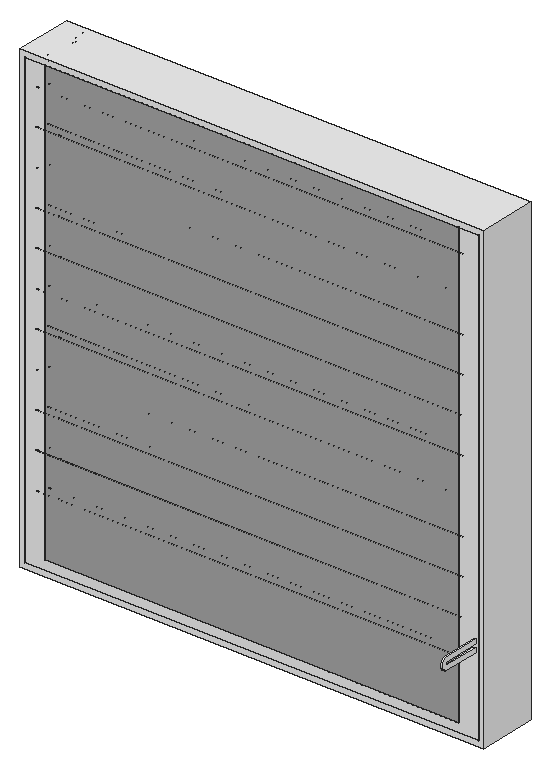
Revit family
Parameters (values of type "Louver_Operable_EOD-637_All-Lite")
  URL = "http://www.alllite-louvers.com"
  Spacing = 0.333 ft
  SmartBIM Object Version = 3  # constant formula
  SmartBIM Object Created By = "Reed Construction Data"  # constant formula
  Shim Thickness = 0.042 ft
  Screen Width = Width - (2 * Shim Thickness) - 2 * 0.083333 ft  # 3.749333 ft
  Screen Height = Height - (2 * Shim Thickness) - 2 * 0.098958 ft  # 3.718083 ft
  Screen = Aluminum
  Rough Width = 0.0 ft
  Rough Height = 0.0 ft
  Product URL = "http://www.alllite-louvers.com/catalog.php?model=EOD-637"
  Pressure Loss (in.wg.) = "0.11"  # constant formula
  OmniClass Title = "Exterior Louvers and Grilles"  # constant formula
  OmniClass Code = "23-60 11 17"  # constant formula
  Model Number = "EOD-637"  # constant formula
  Minimum Size = "12\" x 12\""
  Maximum Size - Single Section = "48\" x 96\" with low leakage seals, 60\" x 96\"  without low leakage seals."
  Maximum Size - Multiple Section = "Unlimited"
  Manufacturer = "All-Lite"  # constant formula
  Louver Width = Width - (2 * Shim Thickness) - 0.166667 ft  # 3.749333 ft
  Louver Open = yes
  Louver = Mill finish, 6063-T5 Extruded Aluminum
  Height = 4.0 ft
  Free Area for 48”x48” Louver = "57.5%"
  Free Area Velocity (fpm) = "990"  # constant formula
  Free Area (ft²) for 48"x48" Louver = 9.2 ft
  Frame = Mill finish, 6063-T5 Extruded Aluminum
  Default Sill Height = 3.0 ft
  Wall Closure = (empty or 0)
  Width = 4.0 ft
  Cut Sheet = "http://www.alllite-louvers.com/catalog/AEOD637.pdf"
  Assembly Code = "B2010300"
  Air Volume Delivered (cfm) = "9,180"  # constant formula
  95 CSI = "10200 "  # constant formula
  04 CSI = "08 91 00"  # constant formula
  # of Louvers = (Height - 0.25 ft) / (Spacing)  # 11
Reference planes (ft)
  plane 1 "Center (Front/Back)": y = 0
  plane 2: z = 0.291667
  plane 3 "Center (Left/Right)": x = 0
  plane 4 "Left": x = -2
  plane 5 "Right": x = 2
  plane 6 "Sill": z = 3.291667
  plane 7 "Top": z = 7.291667
  plane 8: x = -1.958
  plane 9: x = 1.958
  plane 10: z = 7.249667
  plane 11: z = 3.333667
  plane 12: z = 5.291667
  plane 13: z = 7.083
  plane 14: z = 3.625333
  plane 15: x = 1.917495
  plane 16: x = 1.931533
  plane 17: y = -0.038457
  plane 18: y = 0.024043
Forms (ft)
  Sweep 1, solid, material "Mill finish, 6063-T5 Extruded Aluminum" <- "Frame"
    path origin (-5, 0.333333, 0) x (-1, 0, 0) y (0, 0, 1)
      loop
        line (-3.125333, 7.249667) -> (-6.878333, 7.249667)
    profile "Head Horizontal Mullion : Head Horizontal Mullion" origin (0.001833, 0.333333, 7.249667) x (0, 0, -1) y (0, 1, 0)
      loop
        line (0, -0.5) -> (0.0625, -0.5) -> (0.0625, -0.49325) -> (0.010125, -0.49325)
        arc (0.010125, -0.49325) -> (0.007739, -0.492261) -> (0.00675, -0.489875) r 0.003375
        line (0.00675, -0.489875) -> (0.00675, -0.390917)
        arc (0.00675, -0.390917) -> (0.007739, -0.38853) -> (0.010125, -0.387542) r 0.003375
        line (0.010125, -0.387542) -> (0.023858, -0.387542)
        arc (0.023858, -0.387542) -> (0.025719, -0.388101) -> (0.026963, -0.389593) r 0.003375
        arc (0.026963, -0.389593) -> (0.037191, -0.397773) -> (0.049657, -0.393756) r 0.013833
        arc (0.049657, -0.393756) -> (0.05033, -0.390095) -> (0.047225, -0.388042) r 0.003375
        arc (0.047225, -0.388042) -> (0.045903, -0.388311) -> (0.044793, -0.389077) r 0.003375
        arc (0.044793, -0.389077) -> (0.032604, -0.384167) -> (0.044793, -0.379256) r 0.007083
        arc (0.044793, -0.379256) -> (0.045903, -0.380022) -> (0.047225, -0.380292) r 0.003375
        arc (0.047225, -0.380292) -> (0.05033, -0.378238) -> (0.049657, -0.374577) r 0.003375
        arc (0.049657, -0.374577) -> (0.037191, -0.37056) -> (0.026963, -0.378741) r 0.013833
        arc (0.026963, -0.378741) -> (0.025719, -0.380233) -> (0.023858, -0.380792) r 0.003375
        line (0.023858, -0.380792) -> (0.010125, -0.380792)
        arc (0.010125, -0.380792) -> (0.007739, -0.379803) -> (0.00675, -0.377417) r 0.003375
        line (0.00675, -0.377417) -> (0.00675, -0.219041) -> (0.173417, -0.219041) -> (0.173417, -0.215083) -> (0.010708, -0.215083) -> (0.010708, -0.159296) -> (0.00675, -0.159296) -> (0.00675, -0.091875)
        arc (0.00675, -0.091875) -> (0.007739, -0.089489) -> (0.010125, -0.0885) r 0.003375
        line (0.010125, -0.0885) -> (0.032937, -0.0885)
        arc (0.032937, -0.0885) -> (0.035324, -0.089489) -> (0.036312, -0.091875) r 0.003375
        line (0.036312, -0.091875) -> (0.036312, -0.097504)
        arc (0.036312, -0.097504) -> (0.035753, -0.099365) -> (0.034261, -0.100609) r 0.003375
        arc (0.034261, -0.100609) -> (0.026081, -0.110837) -> (0.030098, -0.123303) r 0.013833
        arc (0.030098, -0.123303) -> (0.033759, -0.123976) -> (0.035813, -0.120871) r 0.003375
        arc (0.035813, -0.120871) -> (0.035543, -0.119549) -> (0.034777, -0.118438) r 0.003375
        arc (0.034777, -0.118438) -> (0.039687, -0.10625) -> (0.044598, -0.118438) r 0.007083
        arc (0.044598, -0.118438) -> (0.043832, -0.119549) -> (0.043563, -0.120871) r 0.003375
        arc (0.043563, -0.120871) -> (0.045616, -0.123976) -> (0.049277, -0.123303) r 0.003375
        arc (0.049277, -0.123303) -> (0.053294, -0.110837) -> (0.045114, -0.100609) r 0.013833
        arc (0.045114, -0.100609) -> (0.043622, -0.099365) -> (0.043063, -0.097504) r 0.003375
        line (0.043063, -0.097504) -> (0.043063, -0.091875)
        arc (0.043063, -0.091875) -> (0.044051, -0.089489) -> (0.046438, -0.0885) r 0.003375
        line (0.046438, -0.0885) -> (0.06925, -0.0885) -> (0.06925, -0.082268)
        arc (0.06925, -0.082268) -> (0.072679, -0.082171) -> (0.074422, -0.085125) r 0.003375
        line (0.074422, -0.085125) -> (0.074422, -0.097504)
        arc (0.074422, -0.097504) -> (0.073862, -0.099365) -> (0.07237, -0.100609) r 0.003375
        arc (0.07237, -0.100609) -> (0.06419, -0.110837) -> (0.068207, -0.123303) r 0.013833
        arc (0.068207, -0.123303) -> (0.071868, -0.123976) -> (0.073922, -0.120871) r 0.003375
        arc (0.073922, -0.120871) -> (0.073652, -0.119549) -> (0.072886, -0.118438) r 0.003375
        arc (0.072886, -0.118438) -> (0.077797, -0.10625) -> (0.082707, -0.118438) r 0.007083
        arc (0.082707, -0.118438) -> (0.081941, -0.119549) -> (0.081672, -0.120871) r 0.003375
        arc (0.081672, -0.120871) -> (0.083725, -0.123976) -> (0.087386, -0.123303) r 0.003375
        arc (0.087386, -0.123303) -> (0.091403, -0.110837) -> (0.083223, -0.100609) r 0.013833
        arc (0.083223, -0.100609) -> (0.081731, -0.099365) -> (0.081172, -0.097504) r 0.003375
        line (0.081172, -0.097504) -> (0.081172, -0.085125)
        arc (0.081172, -0.085125) -> (0.08216, -0.082739) -> (0.084547, -0.08175) r 0.003375
        line (0.084547, -0.08175) -> (0.282615, -0.08175) -> (0.282615, 0) -> (0.199281, 0) -> (0.199281, -0.00675) -> (0.275865, -0.00675) -> (0.275865, -0.075) -> (0.027583, -0.075) -> (0.027583, -0.06825) -> (0.010125, -0.06825)
        arc (0.010125, -0.06825) -> (0.007739, -0.067261) -> (0.00675, -0.064875) r 0.003375
        line (0.00675, -0.064875) -> (0.00675, -0.010125)
        arc (0.00675, -0.010125) -> (0.007739, -0.007739) -> (0.010125, -0.00675) r 0.003375
        line (0.010125, -0.00675) -> (0.079139, -0.00675)
        arc (0.079139, -0.00675) -> (0.080431, -0.007007) -> (0.081526, -0.007739) r 0.003375
        line (0.081526, -0.007739) -> (0.137486, -0.063699) -> (0.142259, -0.058926) -> (0.08531, -0.001977)
        arc (0.08531, -0.001977) -> (0.083121, -0.000514) -> (0.080537, 0) r 0.00675
        line (0.080537, 0) -> (0, 0) -> (0, -0.5)
  Sweep 2, solid, material "Mill finish, 6063-T5 Extruded Aluminum" <- "Frame"
    path origin (-5, 0.333333, 0) x (-1, 0, 0) y (0, 0, 1)
      loop
        line (-6.878333, 3.333667) -> (-3.121667, 3.333667)
    profile "Horizontal Mullion : Horizontal Mullion" origin (0, 0.333333, 3.333667) x (0, 0, 1) y (0, 1, 0)
      loop
        line (0.072917, -0.5) -> (0.010417, -0.5) -> (0.010417, -0.46875) -> (0, -0.46875) -> (0, -0.510417) -> (0.083333, -0.510417) -> (0.083333, -0.273315) -> (0.21516, -0.273315) -> (0.21516, -0.269356) -> (0.087292, -0.269356) -> (0.087292, -0.210815) -> (0.083333, -0.210815) -> (0.083333, 0) -> (0, 0) -> (0, -0.041667) -> (0.010417, -0.041667) -> (0.010417, -0.010417) -> (0.072917, -0.010417) -> (0.072917, -0.5)
  Sweep 3, solid, material "Mill finish, 6063-T5 Extruded Aluminum" <- "Frame"
    path origin (-5, 0.333333, 0) x (-1, 0, 0) y (0, 0, 1)
      loop
        line (-6.958, 3.333667) -> (-6.958, 7.249667)
    profile "Vertical Mullion : Vertical Mullion" origin (1.958, 0.333333, 5.291667) x (1, 0, 0) y (0, 1, 0)
      loop
        arc (-0.048385, -0.0885) -> (-0.045707, -0.093175) -> (-0.041583, -0.096643) r 0.015417
        line (-0.041583, -0.096643) -> (-0.037417, -0.089426)
        arc (-0.037417, -0.089426) -> (-0.033875, -0.076208) -> (-0.030333, -0.089426) r 0.007083
        line (-0.030333, -0.089426) -> (-0.026167, -0.096643)
        arc (-0.026167, -0.096643) -> (-0.022043, -0.093175) -> (-0.019365, -0.0885) r 0.015417
        line (-0.019365, -0.0885) -> (0, -0.0885) -> (0, 0) -> (-0.083333, 0) -> (-0.083333, -0.00675) -> (-0.067667, -0.00675) -> (-0.067667, -0.026083) -> (-0.060917, -0.026083) -> (-0.060917, -0.010417) -> (-0.010417, -0.010417) -> (-0.010417, -0.078083) -> (-0.019365, -0.078083)
        arc (-0.019365, -0.078083) -> (-0.033875, -0.067875) -> (-0.048385, -0.078083) r 0.015417
        line (-0.048385, -0.078083) -> (-0.06775, -0.078083) -> (-0.06775, -0.5) -> (-0.171917, -0.5) -> (-0.171917, -0.510417) -> (0, -0.510417) -> (0, -0.4375) -> (-0.010417, -0.4375) -> (-0.010417, -0.5) -> (-0.057333, -0.5) -> (-0.057333, -0.444127)
        arc (-0.057333, -0.444127) -> (-0.047263, -0.445892) -> (-0.039064, -0.439784) r 0.012917
        line (-0.039064, -0.439784) -> (-0.044116, -0.436867)
        arc (-0.044116, -0.436867) -> (-0.057333, -0.433326) -> (-0.044116, -0.429784) r 0.007083
        line (-0.044116, -0.429784) -> (-0.039064, -0.426867)
        arc (-0.039064, -0.426867) -> (-0.047263, -0.420759) -> (-0.057333, -0.422524) r 0.012917
        line (-0.057333, -0.422524) -> (-0.057333, -0.0885) -> (-0.048385, -0.0885)
  Sweep 4, solid, material "Mill finish, 6063-T5 Extruded Aluminum" <- "Frame"
    path origin (5, 0.333333, 0) x (1, 0, 0) y (0, 0, -1)
      loop
        line (-6.958, -3.333667) -> (-6.958, -7.249667)
    profile "Vertical Mullion : Vertical Mullion" origin (-1.958, 0.333333, 5.291667) x (1, 0, 0) y (0, 1, 0)
      loop
        line (0.048385, -0.0885) -> (0.057333, -0.0885) -> (0.057333, -0.422524)
        arc (0.057333, -0.422524) -> (0.047263, -0.420759) -> (0.039064, -0.426867) r 0.012917
        line (0.039064, -0.426867) -> (0.044116, -0.429784)
        arc (0.044116, -0.429784) -> (0.057333, -0.433326) -> (0.044116, -0.436867) r 0.007083
        line (0.044116, -0.436867) -> (0.039064, -0.439784)
        arc (0.039064, -0.439784) -> (0.047263, -0.445892) -> (0.057333, -0.444127) r 0.012917
        line (0.057333, -0.444127) -> (0.057333, -0.5) -> (0.010417, -0.5) -> (0.010417, -0.4375) -> (0, -0.4375) -> (0, -0.510417) -> (0.171917, -0.510417) -> (0.171917, -0.5) -> (0.06775, -0.5) -> (0.06775, -0.078083) -> (0.048385, -0.078083)
        arc (0.048385, -0.078083) -> (0.033875, -0.067875) -> (0.019365, -0.078083) r 0.015417
        line (0.019365, -0.078083) -> (0.010417, -0.078083) -> (0.010417, -0.010417) -> (0.060917, -0.010417) -> (0.060917, -0.026083) -> (0.067667, -0.026083) -> (0.067667, -0.00675) -> (0.083333, -0.00675) -> (0.083333, 0) -> (0, 0) -> (0, -0.0885) -> (0.019365, -0.0885)
        arc (0.019365, -0.0885) -> (0.022043, -0.093175) -> (0.026167, -0.096643) r 0.015417
        line (0.026167, -0.096643) -> (0.030333, -0.089426)
        arc (0.030333, -0.089426) -> (0.033875, -0.076208) -> (0.037417, -0.089426) r 0.007083
        line (0.037417, -0.089426) -> (0.041583, -0.096643)
        arc (0.041583, -0.096643) -> (0.045707, -0.093175) -> (0.048385, -0.0885) r 0.015417
  Sweep 5, solid, material "Mill finish, 6063-T5 Extruded Aluminum" <- "Frame"
    path origin (-5, 0.333333, 0) x (-1, 0, 0) y (0, 0, 1)
      loop
        line (-3, 7.291667) -> (-7, 7.291667) -> (-7, 3.291667) -> (-3, 3.291667) -> (-3, 7.291667)
    profile origin (-2, 0.333333, 5.291667) x (0, 1, 0) y (-1, 0, 0)
      loop
        line (0, 0) -> (-0.510417, 0) -> (-0.510417, -0.042) -> (0, -0.042) -> (0, 0)
  Extrusion 6, solid, material "Aluminum" <- "Screen"
    sketch origin (1.878333, -0.177083, 3.417) x (-1, 0, 0) y (0, 0, -1)
      loop
        line (3.664417, -3.832667) -> (3.664417, 0) -> (0.09225, 0) -> (0.09225, -3.832667) -> (3.664417, -3.832667)
    from -0.006797 to 0
  Extrusion 7, solid, material "Mill finish, 6063-T5 Extruded Aluminum" <- "Louver", detail levels coarse+medium
    sketch origin (0, 0, 0) x (0, 1, 0) y (0, 0, 1)
      loop
        line (0.024043, 6.916333) -> (-0.038457, 6.916333) -> (-0.038457, 3.687833) -> (0.024043, 3.687833) -> (0.024043, 6.916333)
    from 1.917495 to 1.931533
  Extrusion 8, solid, material "Mill finish, 6063-T5 Extruded Aluminum" <- "Frame"
    sketch origin (0, 0, 0) x (0, 1, 0) y (0, 0, 1)
      loop
        line (0.024043, 4.110962) -> (-0.482199, 4.110962)
        arc (-0.482199, 4.110962) -> (-0.534282, 4.058879) -> (-0.482199, 4.006796) r 0.052083
        line (-0.482199, 4.006796) -> (0.024043, 4.006796)
        arc (0.024043, 4.006796) -> (0.076126, 4.058879) -> (0.024043, 4.110962) r 0.052083
      loop
        line (-0.482199, 4.044296) -> (-0.065532, 4.044296)
        arc (-0.065532, 4.044296) -> (-0.050949, 4.058879) -> (-0.065532, 4.073462) r 0.014583
        line (-0.065532, 4.073462) -> (-0.482199, 4.073462)
        arc (-0.482199, 4.073462) -> (-0.496782, 4.058879) -> (-0.482199, 4.044296) r 0.014583
    from 1.931533 to 1.917495
Cuts and joins
  joined: Sweep 2, Sweep 3, Sweep 4, Extrusion 8
Lines and regions (ft)
  Opening 1
    outline origin (-5, -0.333333, 0) x (1, 0, 0) y (0, 0, 1)
      loop
        line (3, 7.291667) -> (3, 3.291667) -> (7, 3.291667) -> (7, 7.291667) -> (3, 7.291667)
  Masking region 1, detail levels coarse+medium
    outline origin (0, 0, 0) x (1, 0, 0) y (0, 1, 0)
      loop
        line (-2, -0.177083) -> (-1.874667, -0.177083) -> (-1.874667, 0.333333) -> (-2, 0.333333) -> (-2, -0.177083)
      loop
        line (2, -0.177083) -> (2, 0.333333) -> (1.874667, 0.333333) -> (1.874667, -0.177083) -> (2, -0.177083)
  Masking region 2, detail levels fine
    outline origin (0, 0, 0) x (1, 0, 0) y (0, 1, 0)
      loop
        line (1.900667, -0.166667) -> (1.900667, -0.110793)
        arc (1.900667, -0.110793) -> (1.910737, -0.112559) -> (1.918936, -0.106451) r 0.012917
        line (1.918936, -0.106451) -> (1.913884, -0.103534)
        arc (1.913884, -0.103534) -> (1.900667, -0.099992) -> (1.913884, -0.096451) r 0.007083
        line (1.913884, -0.096451) -> (1.918936, -0.093534)
        arc (1.918936, -0.093534) -> (1.910737, -0.087426) -> (1.900667, -0.089191) r 0.012917
        line (1.900667, -0.089191) -> (1.900667, 0.244833) -> (1.909615, 0.244833)
        arc (1.909615, 0.244833) -> (1.912293, 0.240158) -> (1.916417, 0.23669) r 0.015417
        line (1.916417, 0.23669) -> (1.920583, 0.243907)
        arc (1.920583, 0.243907) -> (1.924125, 0.257125) -> (1.927667, 0.243907) r 0.007083
        line (1.927667, 0.243907) -> (1.931833, 0.23669)
        arc (1.931833, 0.23669) -> (1.935957, 0.240158) -> (1.938635, 0.244833) r 0.015417
        line (1.938635, 0.244833) -> (1.958, 0.244833) -> (1.958, 0.333333) -> (1.874667, 0.333333) -> (1.874667, 0.326583) -> (1.890333, 0.326583) -> (1.890333, 0.30725) -> (1.897083, 0.30725) -> (1.897083, 0.322917) -> (1.947583, 0.322917) -> (1.947583, 0.25525) -> (1.938635, 0.25525)
        arc (1.938635, 0.25525) -> (1.924125, 0.265458) -> (1.909615, 0.25525) r 0.015417
        line (1.909615, 0.25525) -> (1.89025, 0.25525) -> (1.89025, -0.166667) -> (1.786083, -0.166667) -> (1.786083, -0.177083) -> (1.958, -0.177083) -> (1.958, -0.104167) -> (1.947583, -0.104167) -> (1.947583, -0.166667) -> (1.900283, -0.166667)
      loop
        line (-1.947583, -0.166667) -> (-1.947583, -0.104167) -> (-1.958, -0.104167) -> (-1.958, -0.177083) -> (-1.786083, -0.177083) -> (-1.786083, -0.166667) -> (-1.89025, -0.166667) -> (-1.89025, 0.25525) -> (-1.909615, 0.25525)
        arc (-1.909615, 0.25525) -> (-1.924125, 0.265458) -> (-1.938635, 0.25525) r 0.015417
        line (-1.938635, 0.25525) -> (-1.947583, 0.25525) -> (-1.947583, 0.322917) -> (-1.897083, 0.322917) -> (-1.897083, 0.30725) -> (-1.890333, 0.30725) -> (-1.890333, 0.326583) -> (-1.874667, 0.326583) -> (-1.874667, 0.333333) -> (-1.958, 0.333333) -> (-1.958, 0.244833) -> (-1.938635, 0.244833)
        arc (-1.938635, 0.244833) -> (-1.935957, 0.240158) -> (-1.931833, 0.23669) r 0.015417
        line (-1.931833, 0.23669) -> (-1.927667, 0.243907)
        arc (-1.927667, 0.243907) -> (-1.924125, 0.257125) -> (-1.920583, 0.243907) r 0.007083
        line (-1.920583, 0.243907) -> (-1.916417, 0.23669)
        arc (-1.916417, 0.23669) -> (-1.912293, 0.240158) -> (-1.909615, 0.244833) r 0.015417
        line (-1.909615, 0.244833) -> (-1.900667, 0.244833) -> (-1.900667, -0.089191)
        arc (-1.900667, -0.089191) -> (-1.910737, -0.087426) -> (-1.918936, -0.093534) r 0.012917
        line (-1.918936, -0.093534) -> (-1.913884, -0.096451)
        arc (-1.913884, -0.096451) -> (-1.900667, -0.099992) -> (-1.913884, -0.103534) r 0.007083
        line (-1.913884, -0.103534) -> (-1.918936, -0.106451)
        arc (-1.918936, -0.106451) -> (-1.910737, -0.112559) -> (-1.900667, -0.110793) r 0.012917
        line (-1.900667, -0.110793) -> (-1.900667, -0.166667) -> (-1.947583, -0.166667)
Text (ft)
  text "EXTERIOR" at (-4.890733, 4.242245, 0), in view "Ref. Level"
  text "INTERIOR" at (-4.890733, -3.147199, 0), in view "Ref. Level"
  text "Exterior" at (0, 3.638026, 10.266337), in view "Left"
  text "Exterior" at (0, 1.524487, 10.420622), in view "Right"
Dimensions and locks (ft)
  equal spacing: plane 4 "Left", plane 3 "Center (Left/Right)", plane 5 "Right"
  "Width": plane 4 "Left" to plane 5 "Right"
  "Height": plane 6 "Sill" to plane 7 "Top"
  "Default Sill Height": plane 2 to plane 6 "Sill"
  "Shim Thickness": plane 4 "Left" to plane 8
  "Shim Thickness": plane 9 to plane 5 "Right"
  "Shim Thickness": plane 10 to plane 7 "Top"
  "Shim Thickness": plane 6 "Sill" to plane 11
  equal spacing: plane 11, plane 12, plane 10
  Sweep 5 to Sweep 5 = 0.510417 ft
  locked: plane 10 to plane 13 at 0.166667
  locked: Extrusion 6 to Extrusion 6 at 0.006797
  locked: plane 14 to plane 11 at 0.291667
  locked: Extrusion 7 sketch curve to Extrusion 7 sketch curve at 0.0625
  locked: plane 13 to Extrusion 7 sketch curve at 0.166667
  locked: plane 14 to Extrusion 7 sketch curve at 0.0625
  locked: Extrusion 8 sketch curve to Extrusion 8 sketch curve at 0.104167
  locked: plane 14 to Extrusion 8 sketch curve at 0.381462
  equal spacing: group 1, group 3, group 4, group 5, group 6, group 7, group 8, group 9, group 10, group 11, group 2  (x2)
  equal spacing: group 2, group 11, group 10, group 9, group 8, group 7, group 6, group 5, group 4, group 3, group 1
  locked: plane 15 to plane 16 at 0.014038
  locked: plane 16 to plane 9 at 0.026467
  locked: host wall to plane 18 at 0.30929
  locked: plane 18 to plane 17 at 0.0625
  locked: plane 18 to cut or joined group of Sweep 2, Sweep 3, Sweep 4, Extrusion 8 at 0.298874
  aligned and locked: plane 7 "Top" to Opening 1 sketch curve
  aligned and locked: plane 6 "Sill" to Opening 1 sketch curve  (x2)
  aligned and locked: plane 5 "Right" to Opening 1 sketch curve
  aligned and locked: plane 4 "Left" to Opening 1 sketch curve
  aligned and locked: plane 10 to Sweep 1 sketch curve
  aligned and locked: Sweep 2 sketch curve to plane 11
  aligned and locked: plane 9 to Sweep 3 sketch curve
  aligned and locked: Sweep 4 sketch curve to plane 8
  aligned and locked: Sweep 5 sketch curve to plane 4 "Left"
  aligned and locked: Sweep 5 sketch curve to plane 7 "Top"
  aligned and locked: Sweep 5 sketch curve to plane 6 "Sill"
  aligned and locked: Sweep 5 sketch curve to plane 5 "Right"
  aligned and locked: Sweep 5 sketch curve to host wall  (x2)
  aligned and locked: plane 8 to Sweep 5 sketch curve
  aligned and locked: plane 10 to Sweep 4 sketch curve
  aligned and locked: profile plane to host wall
  aligned and locked: plane 11 to Sweep 4 sketch curve
  aligned and locked: plane 11 to Sweep 3 sketch curve
  aligned and locked: Extrusion 6 to cut or joined group of Sweep 2, Sweep 3, Sweep 4, Extrusion 8
  aligned and locked: Sweep 5 sketch curve to cut or joined group of Sweep 2, Sweep 3, Sweep 4, Extrusion 8
  aligned and locked: cut or joined group of Sweep 2, Sweep 3, Sweep 4, Extrusion 8 to Extrusion 6 sketch curve  (x2)
  aligned and locked: Extrusion 6 sketch curve to cut or joined group of Sweep 2, Sweep 3, Sweep 4, Extrusion 8
  aligned and locked: Extrusion 6 sketch curve to Sweep 1
  aligned and locked: Sweep 1 sketch curve to cut or joined group of Sweep 2, Sweep 3, Sweep 4, Extrusion 8
  aligned and locked: Sweep 5 to Extrusion 6
  aligned and locked: Extrusion 7 to Extrusion 8 sketch curve  (x2)
  aligned and locked: plane 13 to nested 1
  aligned and locked: nested 1 to Sweep 5
  aligned and locked: plane 3 "Center (Left/Right)" to nested 1
  aligned and locked: nested 2 to plane 14
  aligned and locked: nested 2 to Sweep 5
  aligned and locked: plane 3 "Center (Left/Right)" to nested 2
  aligned and locked: plane 15 to nested 2
  aligned and locked: plane 15 to Extrusion 7
  aligned and locked: Extrusion 7 to plane 16
  aligned and locked: plane 15 to cut or joined group of Sweep 2, Sweep 3, Sweep 4, Extrusion 8
  aligned and locked: cut or joined group of Sweep 2, Sweep 3, Sweep 4, Extrusion 8 to plane 16
  aligned and locked: plane 17 to Extrusion 7
  aligned and locked: plane 18 to Extrusion 7
  aligned and locked: Extrusion 7 sketch curve to plane 18
  aligned and locked: Masking region 1 sketch curve to plane 4 "Left"
  aligned and locked: Sweep 5 to Masking region 1 sketch curve
  aligned and locked: Masking region 1 sketch curve to cut or joined group of Sweep 2, Sweep 3, Sweep 4, Extrusion 8  (x2)
  aligned and locked: nested 2 to Masking region 1 sketch curve
  aligned and locked: Masking region 1 sketch curve to plane 5 "Right"
  aligned and locked: Masking region 1 sketch curve to Sweep 5
  aligned and locked: Masking region 1 sketch curve to nested 11
  aligned and locked: Masking region 2 sketch curve to cut or joined group of Sweep 2, Sweep 3, Sweep 4, Extrusion 8  (x56)
  aligned and locked: host wall to Masking region 2 sketch curve
  aligned and locked: Masking region 2 sketch curve to Sweep 5  (x2)
  aligned and locked: Sweep 5 to Masking region 2 sketch curve  (x2)
  aligned and locked: Masking region 2 sketch curve to Extrusion 6
  aligned and locked: cut or joined group of Sweep 2, Sweep 3, Sweep 4, Extrusion 8 to Masking region 2 sketch curve
  aligned and locked: Masking region 2 sketch curve to plane 8
  aligned and locked: Masking region 2 sketch curve to Masking region 2 sketch curve
Automatic sketch dimensions
  Sweep 3 sketch curve to plane 10 = 0.0 ft
  plane 9 to Sweep 2 sketch curve = 0.079667 ft
  plane 8 to Sweep 2 sketch curve = 0.079667 ft
  plane 9 to Sweep 1 sketch curve = 0.079667 ft
  Extrusion 8 sketch curve to Extrusion 8 sketch curve = 0.0 ft  (x2)
  host wall to Extrusion 8 sketch curve = 0.148866 ft
  Extrusion 8 sketch curve to host wall = 0.267801 ft
  Extrusion 8 sketch curve to Extrusion 8 sketch curve = 0.0375 ft
  Masking region 2 sketch curve to plane 9 = 0.0 ft
  Masking region 2 sketch curve to host wall = 0.0 ft
  Masking region 2 sketch curve to Masking region 2 sketch curve = 0.000384 ft
  Masking region 2 sketch curve to Masking region 2 sketch curve = 0.0 ft
Nested families (ft)
  nested 1: "Louver Single" at (0, 0.158572, 6.749667), type "Louver"
  nested 2: "Louver Single" at (0, 0.158572, 3.625333), type "Louver"
  nested 3: "Louver Single" at (0, 0.158572, 6.437233), type "Louver"
  nested 4: "Louver Single" at (0, 0.158572, 6.1248), type "Louver"
  nested 5: "Louver Single" at (0, 0.158572, 5.812367), type "Louver"
  nested 6: "Louver Single" at (0, 0.158572, 5.499933), type "Louver"
  nested 7: "Louver Single" at (0, 0.158572, 5.1875), type "Louver"
  nested 8: "Louver Single" at (0, 0.158572, 4.875067), type "Louver"
  nested 9: "Louver Single" at (0, 0.158572, 4.562633), type "Louver"
  nested 10: "Louver Single" at (0, 0.158572, 4.2502), type "Louver"
  nested 11: "Louver Single" at (0, 0.158572, 3.937767), type "Louver"
Connectors (ft)
  hvac at (0, -0.177083, 5.333333), driven by "Screen Height", driven by "Screen Width"
    settings: on Extrusion 6, index 1
Definition of nested family "Louver Single"
  Parameters (values of type "Louver")
    Open = yes
    Louver Length = 3.75 ft
    Depth = 0.333333 ft
    Louver = none
    Closed = not(Open)  # no
    Assembly Code = ""
  Reference planes (ft)
    plane 1 "Center (Front/Back)": y = -0.085938
    plane 2: z = 0
    plane 3 "Center (Left/Right)": x = 0
    plane 4: x = -1.875
    plane 5: x = 1.875
    plane 6: y = -0.335655
    plane 7: z = 0.333333
    plane 8: y = 0.164345
    plane 9: x = 1.900616
    plane 10: x = 1.911033
    plane 11: x = 1.931866
    plane 12: x = 1.950683
  Forms (ft)
    Extrusion 1, solid, material <- "Louver", visible <- "Open"
      sketch origin (0, 0, 0) x (0, 1, 0) y (0, 0, 1)
        loop
          arc (-0.046632, 0.124289) -> (-0.041423, 0.134467) -> (-0.030013, 0.133734) r 0.010417
          line (-0.030013, 0.133734) -> (0.081997, 0.049449)
          arc (0.081997, 0.049449) -> (0.083, 0.048244) -> (0.083359, 0.046719) r 0.003417
          line (0.083359, 0.046719) -> (0.083359, 0.019361)
          arc (0.083359, 0.019361) -> (0.084069, 0.016347) -> (0.086051, 0.013968) r 0.00675
          line (0.086051, 0.013968) -> (0.160341, -0.041935)
          arc (0.160341, -0.041935) -> (0.162961, -0.042174) -> (0.164345, -0.039937) r 0.0025
          line (0.164345, -0.039937) -> (0.164345, 0.020097)
          arc (0.164345, 0.020097) -> (0.158362, 0.023847) -> (0.157595, 0.016828) r 0.004167
          line (0.157595, 0.016828) -> (0.157595, -0.024574)
          arc (0.157595, -0.024574) -> (0.155703, -0.027631) -> (0.152124, -0.027304) r 0.003417
          line (0.152124, -0.027304) -> (0.091471, 0.018336)
          arc (0.091471, 0.018336) -> (0.090469, 0.019541) -> (0.090109, 0.021066) r 0.003417
          line (0.090109, 0.021066) -> (0.090109, 0.048424)
          arc (0.090109, 0.048424) -> (0.089399, 0.051437) -> (0.087418, 0.053817) r 0.00675
          line (0.087418, 0.053817) -> (-0.188508, 0.261447)
          arc (-0.188508, 0.261447) -> (-0.23589, 0.286345) -> (-0.28872, 0.294939) r 0.166667
          line (-0.28872, 0.294939) -> (-0.31147, 0.294939)
          arc (-0.31147, 0.294939) -> (-0.313886, 0.29594) -> (-0.314887, 0.298356) r 0.003417
          line (-0.314887, 0.298356) -> (-0.314887, 0.343921)
          arc (-0.314887, 0.343921) -> (-0.31811, 0.347143) -> (-0.321333, 0.343921) r 0.003223
          line (-0.321333, 0.343921) -> (-0.321333, 0.294939)
          arc (-0.321333, 0.294939) -> (-0.319356, 0.290166) -> (-0.314583, 0.288189) r 0.00675
          line (-0.314583, 0.288189) -> (-0.28872, 0.288189)
          arc (-0.28872, 0.288189) -> (-0.238029, 0.279943) -> (-0.192567, 0.256054) r 0.159917
          line (-0.192567, 0.256054) -> (-0.087737, 0.17717)
          arc (-0.087737, 0.17717) -> (-0.083872, 0.16641) -> (-0.09221, 0.158585) r 0.010417
          line (-0.09221, 0.158585) -> (-0.095685, 0.130119) -> (-0.090879, 0.126503)
          arc (-0.090879, 0.126503) -> (-0.085693, 0.128006) -> (-0.088586, 0.132564) r 0.003375
          line (-0.088586, 0.132564) -> (-0.086019, 0.153586) -> (-0.067091, 0.161636) -> (-0.050274, 0.148971) -> (-0.052824, 0.128085) -> (-0.071308, 0.120224) -> (-0.073769, 0.122076)
          arc (-0.073769, 0.122076) -> (-0.078495, 0.121408) -> (-0.077828, 0.116682) r 0.003375
          line (-0.077828, 0.116682) -> (-0.073022, 0.113066) -> (-0.046632, 0.124289)
      from -1.875 to 1.875
    Extrusion 2, solid, material <- "Louver"
      sketch origin (0, 0, 0) x (0, 1, 0) y (0, 0, 1)
        loop
          line (-0.075035, 0.182549) -> (-0.161382, 0.169484) -> (-0.186453, 0.165691)
          arc (-0.186453, 0.165691) -> (-0.196668, 0.161101) -> (-0.20303, 0.151886) r 0.020833
          line (-0.20303, 0.151886) -> (-0.203016, 0.137759) -> (-0.199851, 0.124241) -> (-0.190058, 0.082409)
          arc (-0.190058, 0.082409) -> (-0.180044, 0.069032) -> (-0.163422, 0.067316) r 0.020833
          line (-0.163422, 0.067316) -> (-0.0561, 0.101668)
          arc (-0.0561, 0.101668) -> (-0.028232, 0.15085) -> (-0.075035, 0.182549) r 0.041667
      from 1.900616 to 1.911033
    Extrusion 3, solid, material <- "Louver"
      sketch origin (1.900616, 0, 0) x (0, -1, 0) y (0, 0, 1)
        loop
          line (0.071308, 0.120224) -> (0.088512, 0.13317) -> (0.086019, 0.153586) -> (0.067091, 0.161636) -> (0.050274, 0.148971) -> (0.052824, 0.128085) -> (0.071308, 0.120224)
        loop
          circle (0.169773, 0.087158) r 0.011708
      from -0.017212 to -0.010417
    Extrusion 4, solid, material <- "Louver"
      sketch origin (0, 0, 0) x (0, 1, 0) y (0, 0, 1)
        loop
          circle (-0.174311, 0.148483) r 0.011428
      from 1.931866 to 1.950683
    Extrusion 5, solid, material <- "Louver", visible <- "Closed"
      sketch origin (0, -0.123345, -0.007803) x (0, 0.695027, -0.718984) y (0, 0.718984, 0.695027)
        loop
          arc (-0.046632, 0.124289) -> (-0.041423, 0.134467) -> (-0.030013, 0.133734) r 0.010417
          line (-0.030013, 0.133734) -> (0.081997, 0.049449)
          arc (0.081997, 0.049449) -> (0.083, 0.048244) -> (0.083359, 0.046719) r 0.003417
          line (0.083359, 0.046719) -> (0.083359, 0.019361)
          arc (0.083359, 0.019361) -> (0.084069, 0.016347) -> (0.086051, 0.013968) r 0.00675
          line (0.086051, 0.013968) -> (0.160341, -0.041935)
          arc (0.160341, -0.041935) -> (0.162961, -0.042174) -> (0.164345, -0.039937) r 0.0025
          line (0.164345, -0.039937) -> (0.164345, 0.020097)
          arc (0.164345, 0.020097) -> (0.158362, 0.023847) -> (0.157595, 0.016828) r 0.004167
          line (0.157595, 0.016828) -> (0.157595, -0.024574)
          arc (0.157595, -0.024574) -> (0.155703, -0.027631) -> (0.152124, -0.027304) r 0.003417
          line (0.152124, -0.027304) -> (0.091471, 0.018336)
          arc (0.091471, 0.018336) -> (0.090469, 0.019541) -> (0.090109, 0.021066) r 0.003417
          line (0.090109, 0.021066) -> (0.090109, 0.048424)
          arc (0.090109, 0.048424) -> (0.089399, 0.051437) -> (0.087418, 0.053817) r 0.00675
          line (0.087418, 0.053817) -> (-0.188508, 0.261447)
          arc (-0.188508, 0.261447) -> (-0.23589, 0.286345) -> (-0.28872, 0.294939) r 0.166667
          line (-0.28872, 0.294939) -> (-0.321887, 0.294939)
          arc (-0.321887, 0.294939) -> (-0.324303, 0.29594) -> (-0.325304, 0.298356) r 0.003417
          line (-0.325304, 0.298356) -> (-0.325304, 0.343921)
          arc (-0.325304, 0.343921) -> (-0.328526, 0.347143) -> (-0.331749, 0.343921) r 0.003223
          line (-0.331749, 0.343921) -> (-0.331749, 0.294939)
          arc (-0.331749, 0.294939) -> (-0.329772, 0.290166) -> (-0.324999, 0.288189) r 0.00675
          line (-0.324999, 0.288189) -> (-0.28872, 0.288189)
          arc (-0.28872, 0.288189) -> (-0.238029, 0.279943) -> (-0.192567, 0.256054) r 0.159917
          line (-0.192567, 0.256054) -> (-0.087737, 0.17717)
          arc (-0.087737, 0.17717) -> (-0.083872, 0.16641) -> (-0.09221, 0.158585) r 0.010417
          line (-0.09221, 0.158585) -> (-0.095685, 0.130119) -> (-0.090879, 0.126503)
          arc (-0.090879, 0.126503) -> (-0.085693, 0.128006) -> (-0.088586, 0.132564) r 0.003375
          line (-0.088586, 0.132564) -> (-0.086019, 0.153586) -> (-0.067091, 0.161636) -> (-0.050274, 0.148971) -> (-0.052824, 0.128085) -> (-0.071308, 0.120224) -> (-0.073769, 0.122076)
          arc (-0.073769, 0.122076) -> (-0.078495, 0.121408) -> (-0.077828, 0.116682) r 0.003375
          line (-0.077828, 0.116682) -> (-0.073022, 0.113066) -> (-0.046632, 0.124289)
      from -1.875 to 1.875
  Dimensions and locks (ft)
    equal spacing: plane 4, plane 3 "Center (Left/Right)", plane 5
    "Louver Length": plane 4 to plane 5
    locked: plane 7 to level at 0.333333
    locked: plane 8 to plane 6 at 0.5
    plane 5 to plane 9 = 0.025616 ft
    locked: plane 9 to plane 10 at 0.010417
    locked: plane 10 to plane 11 at 0.020833
    locked: plane 12 to plane 11 at 0.018816
    aligned and locked: level to plane 2
    aligned and locked: Extrusion 1 to plane 4
    aligned and locked: plane 5 to Extrusion 1
    aligned and locked: plane 10 to Extrusion 2
    aligned and locked: Extrusion 2 to plane 9
    aligned and locked: Extrusion 3 to plane 10
    aligned and locked: Extrusion 4 to plane 11
    aligned and locked: Extrusion 5 to plane 4
    aligned and locked: plane 5 to Extrusion 5
    aligned and locked: plane 12 to Extrusion 4
  Automatic sketch dimensions
    Extrusion 1 sketch curve to plane 8 = 0.0 ft
    Extrusion 1 sketch curve to plane 8 = 0.0025 ft
    Extrusion 1 sketch curve to Extrusion 1 sketch curve = 0.001503 ft
    Extrusion 1 sketch curve to plane 8 = 0.004167 ft
    Extrusion 1 sketch curve to Extrusion 1 sketch curve = 0.002583 ft
    Extrusion 1 sketch curve to Extrusion 1 sketch curve = 0.067485 ft
    level to Extrusion 1 sketch curve = 0.013968 ft
    Extrusion 1 sketch curve to Extrusion 1 sketch curve = 0.004059 ft  (x2)
    Extrusion 1 sketch curve to Extrusion 1 sketch curve = 0.002691 ft  (x2)
    Extrusion 1 sketch curve to Extrusion 1 sketch curve = 0.001362 ft  (x2)
    Extrusion 1 sketch curve to Extrusion 1 sketch curve = 0.002054 ft  (x2)
    Extrusion 1 sketch curve to plane 1 "Center (Front/Back)" = 0.055925 ft
    Extrusion 1 sketch curve to Extrusion 1 sketch curve = 0.006263 ft
    Extrusion 1 sketch curve to Extrusion 1 sketch curve = 0.010356 ft
    Extrusion 1 sketch curve to level = 0.039937 ft
    level to Extrusion 1 sketch curve = 0.016828 ft
    Extrusion 1 sketch curve to Extrusion 1 sketch curve = 0.027357 ft
    Extrusion 1 sketch curve to Extrusion 1 sketch curve = 0.001122 ft
    Extrusion 1 sketch curve to plane 1 "Center (Front/Back)" = 0.012916 ft
    Extrusion 1 sketch curve to Extrusion 1 sketch curve = 0.011223 ft
    Extrusion 1 sketch curve to Extrusion 1 sketch curve = 0.004806 ft  (x2)
    Extrusion 1 sketch curve to Extrusion 1 sketch curve = 0.003616 ft
    Extrusion 1 sketch curve to Extrusion 1 sketch curve = 0.002029 ft  (x3)
    Extrusion 1 sketch curve to Extrusion 1 sketch curve = 0.002697 ft  (x2)
    Extrusion 1 sketch curve to Extrusion 1 sketch curve = 0.001852 ft
    Extrusion 1 sketch curve to Extrusion 1 sketch curve = 0.006192 ft
    Extrusion 1 sketch curve to Extrusion 1 sketch curve = 0.003796 ft
    Extrusion 1 sketch curve to Extrusion 1 sketch curve = 0.00255 ft
    Extrusion 1 sketch curve to Extrusion 1 sketch curve = 0.020886 ft
    Extrusion 1 sketch curve to plane 1 "Center (Front/Back)" = 0.018846 ft
    Extrusion 1 sketch curve to Extrusion 1 sketch curve = 0.012664 ft
    plane 1 "Center (Front/Back)" to Extrusion 1 sketch curve = 0.000082 ft
    Extrusion 1 sketch curve to Extrusion 1 sketch curve = 0.00805 ft
    plane 1 "Center (Front/Back)" to Extrusion 1 sketch curve = 0.002649 ft
    Extrusion 1 sketch curve to Extrusion 1 sketch curve = 0.010489 ft
    plane 1 "Center (Front/Back)" to Extrusion 1 sketch curve = 0.002912 ft
    Extrusion 1 sketch curve to Extrusion 1 sketch curve = 0.003617 ft
    plane 1 "Center (Front/Back)" to Extrusion 1 sketch curve = 0.006272 ft
    Extrusion 1 sketch curve to Extrusion 1 sketch curve = 0.004999 ft
    plane 1 "Center (Front/Back)" to Extrusion 1 sketch curve = 0.008062 ft
    plane 1 "Center (Front/Back)" to Extrusion 1 sketch curve = 0.001799 ft
    Extrusion 1 sketch curve to Extrusion 1 sketch curve = 0.010262 ft
    plane 1 "Center (Front/Back)" to Extrusion 1 sketch curve = 0.106629 ft
    Extrusion 1 sketch curve to plane 7 = 0.07728 ft
    Extrusion 1 sketch curve to Extrusion 1 sketch curve = 0.004368 ft
    Extrusion 1 sketch curve to Extrusion 1 sketch curve = 0.005394 ft
    plane 6 to Extrusion 1 sketch curve = 0.046935 ft
    level to Extrusion 1 sketch curve = 0.128273 ft
    Extrusion 1 sketch curve to Extrusion 1 sketch curve = 0.0 ft  (x4)
    Extrusion 1 sketch curve to Extrusion 1 sketch curve = 0.003112 ft
    plane 6 to Extrusion 1 sketch curve = 0.014323 ft
    Extrusion 1 sketch curve to Extrusion 1 sketch curve = 0.000305 ft
    plane 7 to Extrusion 1 sketch curve = 0.010587 ft
    plane 6 to Extrusion 1 sketch curve = 0.017546 ft
    Extrusion 1 sketch curve to Extrusion 1 sketch curve = 0.001705 ft
    Extrusion 1 sketch curve to Extrusion 1 sketch curve = 0.001025 ft
    Extrusion 1 sketch curve to Extrusion 1 sketch curve = 0.012634 ft
    Extrusion 1 sketch curve to Extrusion 1 sketch curve = 0.003417 ft
    Extrusion 1 sketch curve to Extrusion 1 sketch curve = 0.002461 ft
    level to Extrusion 1 sketch curve = 0.113066 ft
    plane 1 "Center (Front/Back)" to Extrusion 2 sketch curve = 0.117093 ft
    Extrusion 2 sketch curve to Extrusion 2 sketch curve = 0.000014 ft
    Extrusion 2 sketch curve to Extrusion 2 sketch curve = 0.003165 ft
    Extrusion 2 sketch curve to Extrusion 2 sketch curve = 0.009794 ft
    Extrusion 2 sketch curve to Extrusion 2 sketch curve = 0.016578 ft
    Extrusion 2 sketch curve to Extrusion 2 sketch curve = 0.003117 ft
    Extrusion 2 sketch curve to Extrusion 2 sketch curve = 0.020285 ft
    Extrusion 2 sketch curve to Extrusion 2 sketch curve = 0.006351 ft
    Extrusion 2 sketch curve to Extrusion 2 sketch curve = 0.025071 ft
    Extrusion 2 sketch curve to plane 1 "Center (Front/Back)" = 0.010902 ft
    Extrusion 2 sketch curve to plane 1 "Center (Front/Back)" = 0.017136 ft
    Extrusion 2 sketch curve to plane 1 "Center (Front/Back)" = 0.029838 ft
    level to Extrusion 2 sketch curve = 0.067316 ft
    Extrusion 2 sketch curve to Extrusion 2 sketch curve = 0.015093 ft
    level to Extrusion 2 sketch curve = 0.101668 ft
    Extrusion 2 sketch curve to Extrusion 2 sketch curve = 0.041832 ft
    Extrusion 2 sketch curve to Extrusion 2 sketch curve = 0.013518 ft
    Extrusion 2 sketch curve to Extrusion 2 sketch curve = 0.039683 ft
    Extrusion 2 sketch curve to Extrusion 2 sketch curve = 0.007333 ft
    Extrusion 2 sketch curve to Extrusion 2 sketch curve = 0.014127 ft
    Extrusion 2 sketch curve to Extrusion 2 sketch curve = 0.003794 ft
    Extrusion 3 sketch curve to Extrusion 2 = 0.022309 ft
    Extrusion 3 sketch curve to Extrusion 2 = 0.062182 ft
    Extrusion 3 sketch curve to Extrusion 3 sketch curve = 0.017204 ft
    Extrusion 3 sketch curve to Extrusion 3 sketch curve = 0.012946 ft
    Extrusion 3 sketch curve to Extrusion 3 sketch curve = 0.002493 ft
    Extrusion 3 sketch curve to Extrusion 3 sketch curve = 0.020416 ft
    Extrusion 3 sketch curve to Extrusion 3 sketch curve = 0.018928 ft
    Extrusion 3 sketch curve to Extrusion 3 sketch curve = 0.00805 ft
    Extrusion 3 sketch curve to Extrusion 3 sketch curve = 0.016818 ft
    Extrusion 3 sketch curve to Extrusion 3 sketch curve = 0.012664 ft
    Extrusion 3 sketch curve to Extrusion 3 sketch curve = 0.018485 ft
    Extrusion 3 sketch curve to Extrusion 3 sketch curve = 0.007861 ft
    plane 1 "Center (Front/Back)" to Extrusion 4 sketch curve = 0.088374 ft
    level to Extrusion 4 sketch curve = 0.148483 ft
    Extrusion 5 sketch curve to Extrusion 5 sketch curve = 0.0 ft  (x3)
    plane 1 "Center (Front/Back)" to Extrusion 5 sketch curve = 0.020709 ft
    plane 7 to Extrusion 5 sketch curve = 0.13642 ft
    Extrusion 5 sketch curve to Extrusion 5 sketch curve = 0.003223 ft
    Extrusion 5 sketch curve to Extrusion 5 sketch curve = 0.00675 ft
    Extrusion 5 sketch curve to Extrusion 5 sketch curve = 0.003112 ft
    Extrusion 5 sketch curve to Extrusion 5 sketch curve = 0.033167 ft
    Extrusion 5 sketch curve to Extrusion 5 sketch curve = 0.096153 ft
    Extrusion 5 sketch curve to Extrusion 5 sketch curve = 0.004059 ft  (x3)
    Extrusion 5 sketch curve to Extrusion 5 sketch curve = 0.096882 ft
    Extrusion 5 sketch curve to Extrusion 5 sketch curve = 0.001685 ft
    Extrusion 5 sketch curve to Extrusion 5 sketch curve = 0.00179 ft
    Extrusion 5 sketch curve to Extrusion 5 sketch curve = 0.004806 ft  (x2)
    Extrusion 5 sketch curve to Extrusion 5 sketch curve = 0.002029 ft  (x3)
    Extrusion 5 sketch curve to Extrusion 5 sketch curve = 0.000264 ft
    Extrusion 5 sketch curve to Extrusion 5 sketch curve = 0.006263 ft  (x2)
    Extrusion 5 sketch curve to Extrusion 5 sketch curve = 0.00619 ft
    Extrusion 5 sketch curve to Extrusion 5 sketch curve = 0.013051 ft
    Extrusion 5 sketch curve to Extrusion 5 sketch curve = 0.002461 ft
    Extrusion 5 sketch curve to Extrusion 5 sketch curve = 0.018928 ft
    Extrusion 5 sketch curve to Extrusion 5 sketch curve = 0.018485 ft
    Extrusion 5 sketch curve to Extrusion 5 sketch curve = 0.00255 ft
    Extrusion 5 sketch curve to Extrusion 5 sketch curve = 0.006192 ft
    Extrusion 5 sketch curve to Extrusion 5 sketch curve = 0.010356 ft
    Extrusion 5 sketch curve to Extrusion 5 sketch curve = 0.109955 ft
    Extrusion 5 sketch curve to Extrusion 5 sketch curve = 0.002054 ft  (x2)
    Extrusion 5 sketch curve to Extrusion 5 sketch curve = 0.001362 ft  (x2)
    Extrusion 5 sketch curve to Extrusion 5 sketch curve = 0.003417 ft  (x4)
    Extrusion 5 sketch curve to Extrusion 5 sketch curve = 0.002691 ft
    Extrusion 5 sketch curve to Extrusion 5 sketch curve = 0.060652 ft
    Extrusion 5 sketch curve to Extrusion 5 sketch curve = 0.002583 ft
    Extrusion 5 sketch curve to Extrusion 5 sketch curve = 0.008218 ft
    Extrusion 5 sketch curve to Extrusion 5 sketch curve = 0.001503 ft
    Extrusion 5 sketch curve to Extrusion 5 sketch curve = 0.004167 ft
    Extrusion 5 sketch curve to Extrusion 5 sketch curve = 0.045565 ft
    Extrusion 5 sketch curve to Extrusion 5 sketch curve = 0.026742 ft
    Extrusion 5 sketch curve to Extrusion 5 sketch curve = 0.078883 ft
    Extrusion 5 sketch curve to Extrusion 5 sketch curve = 0.008323 ft  (x2)
    Extrusion 5 sketch curve to Extrusion 5 sketch curve = 0.00305 ft
    Extrusion 5 sketch curve to Extrusion 5 sketch curve = 0.004999 ft
    Extrusion 5 sketch curve to Extrusion 5 sketch curve = 0.012664 ft
    Extrusion 5 sketch curve to Extrusion 5 sketch curve = 0.015237 ft
    Extrusion 5 sketch curve to Extrusion 5 sketch curve = 0.021022 ft
    Extrusion 5 sketch curve to Extrusion 5 sketch curve = 0.002445 ft
    Extrusion 5 sketch curve to Extrusion 5 sketch curve = 0.003365 ft
    Extrusion 5 sketch curve to Extrusion 5 sketch curve = 0.020886 ft
    Extrusion 5 sketch curve to Extrusion 5 sketch curve = 0.007124 ft
    Extrusion 5 sketch curve to Extrusion 5 sketch curve = 0.001852 ft
    Extrusion 5 sketch curve to Extrusion 5 sketch curve = 0.002697 ft
    Extrusion 5 sketch curve to Extrusion 5 sketch curve = 0.003616 ft
    Extrusion 5 sketch curve to Extrusion 5 sketch curve = 0.079917 ft
    Extrusion 5 sketch curve to Extrusion 5 sketch curve = 0.001025 ft
    Extrusion 5 sketch curve to Extrusion 5 sketch curve = 0.027357 ft
    Extrusion 5 sketch curve to Extrusion 5 sketch curve = 0.000969 ft
    Extrusion 5 sketch curve to Extrusion 5 sketch curve = 0.001705 ft
    Extrusion 5 sketch curve to Extrusion 5 sketch curve = 0.041401 ft
    Extrusion 5 sketch curve to Extrusion 5 sketch curve = 0.015364 ft
    radius of Extrusion 3 sketch curve to Extrusion 2 = 0.009125 ft
    radius of Extrusion 4 sketch curve = 0.011428 ft
